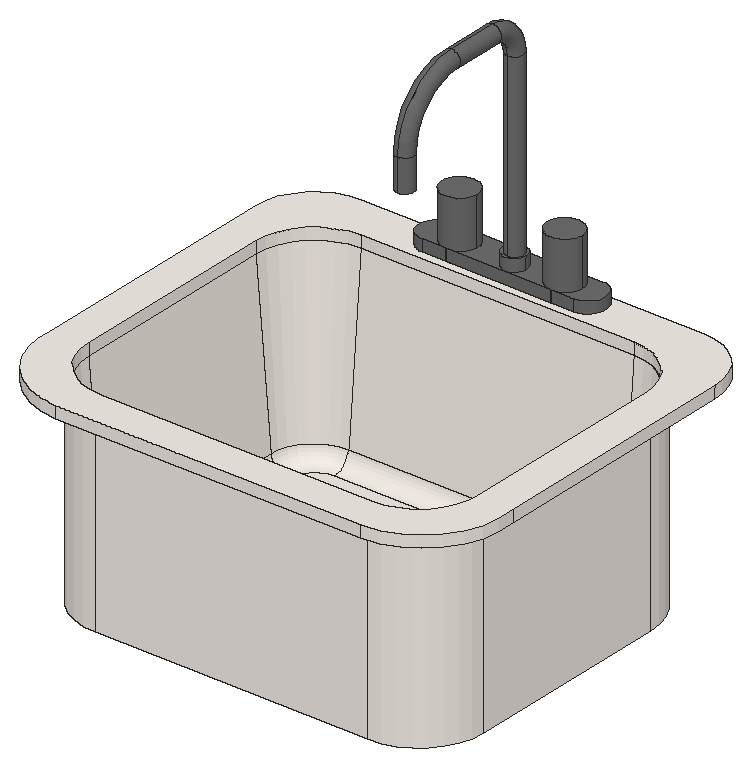
Revit family
Parameters (values of type "500 x 440mm")
  Basin Material = Porcelain - Linen
  Counter Height = 750.00 mm
  Depth = 440.00 mm
  Fixture Material = Metal - Steel, Polished
  Width = 500.00 mm
Reference planes
  plane 1 "Center (Front/Back)": y = 5.52
  plane 2: z = 0
  plane 3 "Center (Left/Right)": x = 15.689
  plane 4: y = 180.145
  plane 5: y = -259.855
  plane 6: x = -234.311
  plane 7: x = 265.689
  plane 8 "Top Of Counter": z = 750
  plane 9: z = 762.7
  plane 10: z = 534.1
  plane 11: y = 132.52
  plane 12: x = -196.211
  plane 13: y = -221.755
  plane 14: x = 227.589
  plane 15: x = -85.911
  plane 16: x = 117.289
  plane 17: y = 156.333
  plane 18: y = 156.333
  plane 19: y = 156.333
  plane 20: z = 1013.525
  plane 21: y = 7.108
  plane 22: z = 826.2
  plane 23: z = 788.1
  plane 24: y = 161.095
  plane 25: x = -47.811
  plane 26: x = 66.489
Forms (mm)
  Extrusion 1, solid, material "Porcelain - Linen" <- "Basin Material"
    sketch origin (0, 0, 0) x (1, 0, 0) y (0, 1, 0)
      loop
        arc (181.339, -259.855) -> (246.052, -227.766) -> (265.689, -158.255) r 89.057
        line (265.689, -158.255) -> (265.689, 116.645)
        arc (265.689, 116.645) -> (247.091, 161.547) -> (202.189, 180.145) r 63.5
        line (202.189, 180.145) -> (-170.811, 180.145)
        arc (-170.811, 180.145) -> (-215.712, 161.547) -> (-234.311, 116.645) r 63.5
        line (-234.311, 116.645) -> (-234.311, -158.255)
        arc (-234.311, -158.255) -> (-214.674, -227.766) -> (-149.961, -259.855) r 89.057
        line (-149.961, -259.855) -> (181.339, -259.855)
      loop
        arc (-132.711, 132.52) -> (-177.612, 113.922) -> (-196.211, 69.02) r 63.5
        line (-196.211, 69.02) -> (-196.211, -158.255)
        arc (-196.211, -158.255) -> (-177.612, -203.156) -> (-132.711, -221.755) r 63.5
        line (-132.711, -221.755) -> (164.089, -221.755)
        arc (164.089, -221.755) -> (208.991, -203.156) -> (227.589, -158.255) r 63.5
        line (227.589, -158.255) -> (227.589, 69.02)
        arc (227.589, 69.02) -> (208.991, 113.922) -> (164.089, 132.52) r 63.5
        line (164.089, 132.52) -> (-132.711, 132.52)
    from 750 to 762.7
  Sweep 2, solid, material "Porcelain - Linen" <- "Basin Material"
    path origin (0, 0, 0) x (1, 0, 0) y (0, 1, 0)
      loop
        arc (-132.711, 132.52) -> (-177.612, 113.922) -> (-196.211, 69.02) r 63.5
        line (-196.211, 69.02) -> (-196.211, -158.255)
        arc (-196.211, -158.255) -> (-177.612, -203.156) -> (-132.711, -221.755) r 63.5
        line (-132.711, -221.755) -> (164.089, -221.755)
        arc (164.089, -221.755) -> (208.991, -203.156) -> (227.589, -158.255) r 63.5
        line (227.589, -158.255) -> (227.589, 69.02)
        arc (227.589, 69.02) -> (208.991, 113.922) -> (164.089, 132.52) r 63.5
        line (164.089, 132.52) -> (-132.711, 132.52)
    profile origin (15.689, 0, 0) x (0, 1, 0) y (0, 0, 1)
      loop
        line (132.52, 750) -> (115.986, 561.015)
        arc (115.986, 561.015) -> (109.879, 548.63) -> (97.009, 543.625) r 19.05
        line (97.009, 543.625) -> (94.42, 543.625) -> (94.42, 534.1) -> (138.87, 534.1) -> (138.87, 750) -> (132.52, 750)
  Extrusion 3, solid, material "Porcelain - Linen" <- "Basin Material"
    sketch origin (0, 0, 0) x (1, 0, 0) y (0, 1, 0)
      loop
        arc (-132.711, 94.42) -> (-150.671, 86.981) -> (-158.111, 69.02) r 25.4
        line (-158.111, 69.02) -> (-158.111, -158.255)
        arc (-158.111, -158.255) -> (-150.671, -176.215) -> (-132.711, -183.655) r 25.4
        line (-132.711, -183.655) -> (164.089, -183.655)
        arc (164.089, -183.655) -> (182.05, -176.215) -> (189.489, -158.255) r 25.4
        line (189.489, -158.255) -> (189.489, 69.02)
        arc (189.489, 69.02) -> (182.05, 86.981) -> (164.089, 94.42) r 25.4
        line (164.089, 94.42) -> (-132.711, 94.42)
      loop
        circle (15.689, 3.175) r 25.4
    from 534.1 to 543.625
  Extrusion 4, solid, material "Metal - Steel, Polished" <- "Fixture Material"
    sketch origin (0, -17.559, 0) x (1, 0, 0) y (0, 1, 0)
      loop
        circle (-47.811, 178.654) r 19.05
      loop
        circle (66.489, 178.654) r 19.05
    from 762.7 to 826.2
  Sweep 5, solid, material "Metal - Steel, Polished" <- "Fixture Material"
    path origin (15.689, 0, 0) x (0, 1, 0) y (0, 0, 1)
      loop
        line (156.333, 762.7) -> (156.333, 983.363)
        arc (156.333, 983.363) -> (147.499, 1004.691) -> (126.17, 1013.525) r 30.163
        line (126.17, 1013.525) -> (70.608, 1013.525)
        arc (70.608, 1013.525) -> (25.707, 994.926) -> (7.108, 950.025) r 63.5
        line (7.108, 950.025) -> (7.108, 915.1)
    profile origin (15.689, 0, 873.031) x (0, -1, 0) y (1, 0, 0)
      loop
        circle (-156.333, 0) r 9.525
  Extrusion 6, solid, material "Metal - Steel, Polished" <- "Fixture Material"
    sketch origin (0, 0, 0) x (1, 0, 0) y (0, 1, 0)
      loop
        circle (15.689, 156.333) r 12.7
    from 762.7 to 788.1
  Extrusion 7, solid, material "Metal - Steel, Polished" <- "Fixture Material"
    sketch origin (0, 0, 0) x (1, 0, 0) y (0, 1, 0)
      loop
        arc (-73.211, 180.145) -> (-92.261, 161.095) -> (-73.211, 142.045) r 19.05
        line (-73.211, 142.045) -> (91.889, 142.045)
        arc (91.889, 142.045) -> (110.939, 161.095) -> (91.889, 180.145) r 19.05
        line (91.889, 180.145) -> (-73.211, 180.145)
    from 762.7 to 775.2
Cuts and joins
  joined: Sweep 5, Extrusion 6, Extrusion 7
  joined: Sweep 2, Extrusion 3
Lines and regions (mm)
  symbolic lines
    curve 1: line (265.689, -175.505, 0) -> (265.689, 116.645, 0)
    curve 2: line (-145.411, -259.855, 0) -> (181.339, -259.855, 0)
    curve 3: line (-234.311, 116.645, 0) -> (-234.311, -170.955, 0)
    curve 4: arc (41.089, 3.175, 0) -> (15.689, 28.575, 0) -> (-9.711, 3.175, 0) r 25.4
    curve 5: arc (-9.711, 3.175, 0) -> (15.689, -22.225, 0) -> (41.089, 3.175, 0) r 25.4
    curve 6: line (-196.211, 69.02, 0) -> (-196.211, -158.255, 0)
    curve 7: line (-132.711, -221.755, 0) -> (164.089, -221.755, 0)
    curve 8: line (227.589, -158.255, 0) -> (227.589, 69.02, 0)
    curve 9: line (164.089, 132.52, 0) -> (28.389, 132.52, 0)
    curve 10: arc (164.089, -221.755, 0) -> (208.991, -203.156, 0) -> (227.589, -158.255, 0) r 63.5
    curve 11: arc (-196.211, -158.255, 0) -> (-177.612, -203.156, 0) -> (-132.711, -221.755, 0) r 63.5
    curve 12: arc (-132.711, 132.52, 0) -> (-177.612, 113.922, 0) -> (-196.211, 69.02, 0) r 63.5
    curve 13: arc (28.389, 160.745, 0) -> (15.689, 173.445, 0) -> (2.989, 160.745, 0) r 12.7
    curve 14: line (2.989, 160.745, 0) -> (2.989, 40.391, 0)
    curve 15: line (28.389, 160.745, 0) -> (28.389, 40.391, 0)
    curve 16: arc (28.389, 40.391, 0) -> (15.689, 27.691, 0) -> (2.989, 40.391, 0) r 12.7
    curve 17: line (2.989, 132.52, 0) -> (-132.711, 132.52, 0)
    curve 18: arc (-234.311, -170.955, 0) -> (-208.273, -233.816, 0) -> (-145.411, -259.855, 0) r 88.9
    curve 19: arc (181.339, -259.855, 0) -> (240.984, -235.149, 0) -> (265.689, -175.505, 0) r 84.35
    curve 20: arc (164.089, 132.52, 0) -> (208.991, 113.922, 0) -> (227.589, 69.02, 0) r 63.5
    curve 21: line (202.189, 180.145, 0) -> (-170.811, 180.145, 0)
    curve 22: arc (-170.811, 180.145, 0) -> (-215.712, 161.547, 0) -> (-234.311, 116.645, 0) r 63.5
    curve 23: arc (265.689, 116.645, 0) -> (247.091, 161.547, 0) -> (202.189, 180.145, 0) r 63.5
    curve 24: arc (85.539, 161.095, 0) -> (66.489, 180.145, 0) -> (47.439, 161.095, 0) r 19.05
    curve 25: arc (85.539, 161.095, 0) -> (66.489, 142.045, 0) -> (47.439, 161.095, 0) r 19.05
    curve 26: arc (-28.761, 161.095, 0) -> (-47.811, 180.145, 0) -> (-66.861, 161.095, 0) r 19.05
    curve 27: arc (-66.861, 161.095, 0) -> (-47.811, 142.045, 0) -> (-28.761, 161.095, 0) r 19.05
    curve 28: line (-73.211, 142.045, 0) -> (2.989, 142.045, 0)
    curve 29: arc (91.889, 142.045, 0) -> (110.939, 161.095, 0) -> (91.889, 180.145, 0) r 19.05
    curve 30: arc (-73.211, 180.145, 0) -> (-92.261, 161.095, 0) -> (-73.211, 142.045, 0) r 19.05
    curve 31: line (91.889, 180.145, 0) -> (-73.211, 180.145, 0)
    curve 32: line (28.389, 142.045, 0) -> (91.889, 142.045, 0)
Dimensions and locks
  equal spacing: plane 6, plane 3 "Center (Left/Right)", plane 7
  "Width": plane 6 to plane 7
  "Depth": plane 5 to plane 4
  "Counter Height": plane 8 "Top Of Counter" to plane 2
  locked: plane 9 to plane 8 "Top Of Counter" at 12.7
  locked: plane 8 "Top Of Counter" to plane 10 at 215.9
  locked: plane 6 to plane 12 at 38.1
  locked: plane 14 to plane 7 at 38.1
  locked: plane 5 to plane 13 at 38.1
  equal spacing: plane 11, plane 17, plane 4
  equal spacing: plane 11, plane 18, plane 4
  equal spacing: plane 4, plane 19, plane 11
  locked: plane 19 to plane 21 at 149.225
  locked: plane 20 to plane 9 at 250.825
  locked: plane 22 to plane 9 at 63.5
  locked: plane 23 to plane 9 at 25.4
  locked: plane 1 "Center (Front/Back)" to plane 4 at 174.625
  plane 24 to plane 4 = 19.05 mm
  locked: plane 25 to plane 3 "Center (Left/Right)" at 63.5
  locked: plane 3 "Center (Left/Right)" to plane 26 at 50.8
  aligned and locked: Extrusion 1 sketch curve to plane 5
  aligned and locked: plane 8 "Top Of Counter" to Extrusion 1
  aligned and locked: Extrusion 1 to plane 9
  aligned and locked: plane 11 to Extrusion 1 sketch curve
  aligned and locked: plane 14 to Extrusion 1 sketch curve
  aligned and locked: Extrusion 1 sketch curve to plane 12
  aligned and locked: Extrusion 1 sketch curve to plane 13
  aligned and locked: plane 11 to Sweep 2 sketch curve
  aligned and locked: plane 14 to Sweep 2 sketch curve
  aligned and locked: Sweep 2 sketch curve to plane 12
  aligned and locked: Sweep 2 sketch curve to plane 13
  aligned and locked: Sweep 2 to Extrusion 3 sketch curve  (x4)
  aligned and locked: Sweep 2 to Extrusion 3
  aligned and locked: plane 10 to Extrusion 3
  aligned and locked: Sweep 2 sketch curve to plane 10
  aligned and locked: plane 8 "Top Of Counter" to Sweep 2 sketch curve
  aligned and locked: Extrusion 4 to Extrusion 1
  aligned and locked: Extrusion 6 to Extrusion 1
  aligned and locked: Sweep 5 sketch curve to plane 19
  aligned and locked: plane 20 to Sweep 5 sketch curve
  aligned and locked: plane 21 to Sweep 5 sketch curve
  aligned and locked: Extrusion 4 to plane 22
  aligned and locked: Extrusion 6 to plane 23
  aligned and locked: Extrusion 7 to Extrusion 1
Automatic sketch dimensions
  Sweep 2 sketch curve to plane 12 = 63.50 mm
  Sweep 2 sketch curve to Sweep 2 sketch curve = 63.50 mm
  plane 11 to Sweep 2 sketch curve = 63.50 mm
  plane 14 to Sweep 2 sketch curve = 63.50 mm
  Sweep 2 sketch curve to profile plane = 0.00 mm
  profile plane to Sweep 2 sketch curve = 16.534 mm
  Sweep 2 sketch curve to Sweep 2 sketch curve = 18.978 mm
  Sweep 2 sketch curve to Sweep 2 sketch curve = 2.588 mm
  Sweep 2 sketch curve to profile plane = 6.35 mm
  Sweep 2 sketch curve to Sweep 2 sketch curve = 9.525 mm
  Sweep 2 sketch curve to Sweep 2 sketch curve = 17.39 mm
  Sweep 5 sketch curve to plane 3 "Center (Left/Right)" = 0.00 mm
  Sweep 5 sketch curve to profile plane = 0.00 mm
  profile plane to Sweep 5 sketch curve = 9.525 mm
  Extrusion 6 sketch curve to plane 18 = 0.00 mm
  Extrusion 6 sketch curve to plane 3 "Center (Left/Right)" = 0.00 mm
  Extrusion 6 sketch curve to plane 3 "Center (Left/Right)" = 12.70 mm
  Sweep 5 sketch curve to plane 9 = 0.00 mm
  Sweep 5 sketch curve to Sweep 5 sketch curve = 63.50 mm
  plane 11 to Sweep 5 sketch curve = 6.35 mm
  Sweep 5 sketch curve to Sweep 5 sketch curve = 34.925 mm
  Extrusion 3 sketch curve to plane 3 "Center (Left/Right)" = 0.00 mm
  Extrusion 3 sketch curve to Extrusion 3 sketch curve = 25.40 mm  (x4)
  plane 1 "Center (Front/Back)" to Extrusion 3 sketch curve = 2.345 mm
  Extrusion 3 sketch curve to plane 1 "Center (Front/Back)" = 63.50 mm
  Extrusion 7 sketch curve to plane 24 = 0.00 mm
  plane 25 to Extrusion 7 sketch curve = 25.40 mm
  plane 4 to Extrusion 7 sketch curve = 0.00 mm
  plane 3 "Center (Left/Right)" to Extrusion 7 sketch curve = 76.20 mm
  Extrusion 1 sketch curve to plane 6 = 0.00 mm
  Extrusion 1 sketch curve to plane 4 = 0.00 mm
  Extrusion 1 sketch curve to plane 7 = 0.00 mm
  plane 11 to Extrusion 1 sketch curve = 15.875 mm
  Extrusion 1 sketch curve to Extrusion 1 sketch curve = 38.10 mm
  Extrusion 1 sketch curve to plane 12 = 46.25 mm
  Extrusion 1 sketch curve to Extrusion 1 sketch curve = 50.057 mm
  Extrusion 1 sketch curve to Extrusion 1 sketch curve = 17.25 mm  (x2)
  Extrusion 1 sketch curve to Extrusion 1 sketch curve = 63.50 mm  (x2)
  Extrusion 1 sketch curve to Extrusion 1 sketch curve = 13.443 mm
  plane 14 to Extrusion 1 sketch curve = 25.40 mm
  Extrusion 1 sketch curve to Extrusion 1 sketch curve = 12.625 mm  (x2)
  Extrusion 4 sketch curve to plane 24 = 0.00 mm  (x2)
  Extrusion 4 sketch curve to plane 25 = 0.00 mm
  Extrusion 4 sketch curve to plane 26 = 0.00 mm
  Extrusion 4 sketch curve to Extrusion 4 sketch curve = 19.05 mm  (x2)
  curve 22 to plane 6 = 0.00 mm
  curve 17 to plane 11 = 0.00 mm
  curve 22 to plane 4 = 0.00 mm
  curve 18 to plane 5 = 0.00 mm
  curve 11 to plane 13 = 0.00 mm
  curve 31 to plane 4 = 0.00 mm
  curve 30 to plane 24 = 0.00 mm
  curve 27 to plane 24 = 0.00 mm
  curve 26 to plane 25 = 0.00 mm
  curve 16 to plane 3 "Center (Left/Right)" = 0.00 mm
  curve 4 to plane 3 "Center (Left/Right)" = 0.00 mm
  curve 24 to plane 24 = 0.00 mm
  curve 25 to plane 26 = 0.00 mm
  curve 20 to plane 14 = 0.00 mm
  curve 1 to plane 7 = 0.00 mm
  curve 17 to plane 12 = 63.50 mm
  curve 22 to plane 12 = 25.40 mm
  curve 6 to curve 18 = 50.80 mm
  curve 18 to curve 11 = 12.70 mm
  plane 25 to curve 28 = 25.40 mm
  curve 30 to curve 27 = 6.35 mm
  plane 1 "Center (Front/Back)" to curve 4 = 2.345 mm
  curve 4 to curve 4 = 25.40 mm
  curve 14 to curve 16 = 12.70 mm
  curve 24 to curve 24 = 19.05 mm
  curve 24 to curve 29 = 6.35 mm
  curve 10 to curve 8 = 63.50 mm
  curve 20 to curve 20 = 63.50 mm
  curve 7 to curve 19 = 17.25 mm
  plane 14 to curve 23 = 25.40 mm
  curve 15 to plane 1 "Center (Front/Back)" = 34.87 mm
  plane 24 to curve 13 = 0.351 mm
  curve 29 to plane 24 = 0.00 mm
  curve 9 to plane 11 = 0.00 mm
  curve 6 to plane 12 = 0.00 mm
